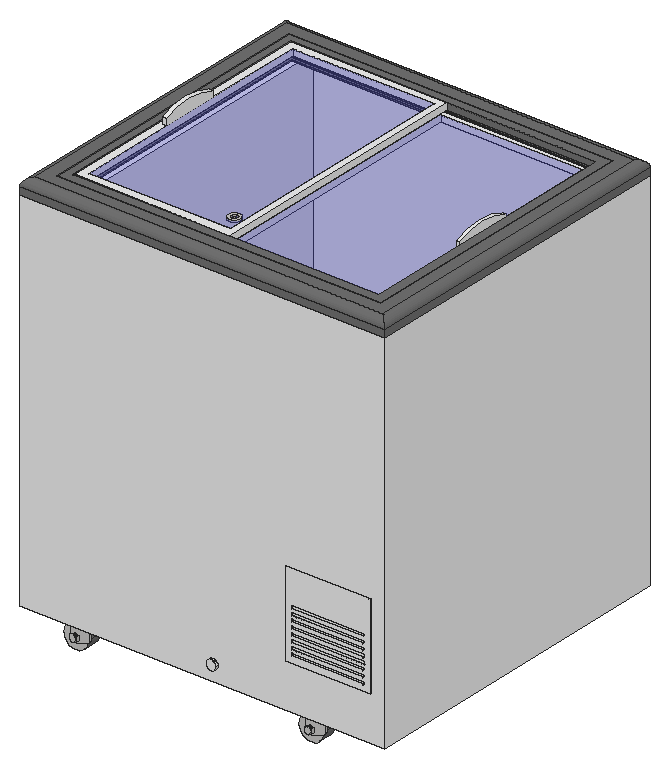
Revit family "Qf_Summit_NOVA22_7.2 Cu.Ft. Chest Freezer", category Specialty Equipment, Revit 2020
Family settings
  Round Connector Dimension = Use Diameter
  Part Type = Normal
  Work Plane-Based = No
  Always vertical = Yes
  Cut with Voids When Loaded = No
  Shared = No
  Room Calculation Point = No
Parameters
  Weight in Pounds = 110
  Watts = FL Amps * Volts  # 828 W
  Volts = 115 V
  URL Cutsheet = ""
  Specification by User = ""
  Specification by Manufacturer = ""
  Show Clearance [instance] = yes
  Serial Number = ""
  Seismic Rating = ""
  SMACNA No = ""
  Revision Code = ""
  Refrigerant Volume = 0.00 kip
  Refrigerant Type = "R290a"
  Phase = 1
  Number of Poles = 1
  NAFEM Spec ID Number = ""
  Model = "NOVA22"
  Min Ckt Ampacity = 0 A
  Max Overcurrent Protection = 0 A
  Masterspec = ""
  Manufacturer = "Summit"
  Length = 30"
  Item Number = ""
  Installed By = ""
  Identify Quantity as Lot = yes
  Height = 34 1/4"
  HP = ""
  Furnished By = ""
  Foodservice Equipment Identifier = yes
  FL Amps = 7.2 A
  Electrical Remarks = ""
  Electric Connection Type = ""
  Elec Conn RI Height = 0"
  Elec Conn Connection Height = 0"
  Description = "7.2 Cu.Ft. Chest Freezer"
  Depth = 27 1/4"
  Default Elevation = 0"
  Cycle = 60 Hz
  Conn Plug = ""
  Conn Conduit = yes
  CSI MasterFormat = ""
  Apparent Power = 828 VA
Reference planes (in)
  plane 1: z = 0
  plane 2 "LEFT": x = 0
  plane 3 "RIGHT": x = 30
  plane 4 "FRONT": y = -28
  plane 5 "TOP": z = 34.25
  plane 6 "Center Y": x = 15
  plane 7 "Center X": y = -14.375
  plane 8 "BACK": y = -0.75
  plane 9: z = 2.75
  plane 10: x = 0.75
  plane 11: x = 3.71343
  plane 12: x = 23.05641
  plane 13: x = 3.125
  plane 14: x = 26.875
  plane 15: x = 19
  plane 16: z = 5.875
Forms (in)
  Sweep 1, solid, material "QF_Plastic_Dark_Grey"
    path origin (0, 0, 0) x (1, 0, 0) y (0, 1, 0)
      loop
        line (0, -0.75) -> (0, -28) -> (30, -28) -> (30, -0.75) -> (0, -0.75)
    profile origin (0, -14.375, 0) x (1, 0, 0) y (0, 0, 1)
      loop
        line (0, 33) -> (1.7, 33) -> (1.7, 34.25) -> (0.75, 34.25) -> (0.67874, 34.25)
        arc (0.67874, 34.25) -> (0.1988, 34.0512) -> (0, 33.57126) r 0.67874
        line (0, 33.57126) -> (0, 33)
  Extrusion 2, solid, material "QF_Metallic_Paint_White_Smooth"
    sketch origin (0, 0, 0) x (1, 0, 0) y (0, 1, 0)
      loop
        line (3.125, -27) -> (26.875, -27) -> (26.875, -1.75) -> (3.125, -1.75) -> (3.125, -27)
      loop
        line (30, -0.75) -> (0, -0.75) -> (0, -28) -> (30, -28) -> (30, -0.75)
    from 2.75 to 33
  Extrusion 3, solid, material "QF_Metallic_Paint_White_Smooth"
    sketch origin (0, 0, 0) x (1, 0, 0) y (0, 1, 0)
      loop
        line (2.4, -3.15) -> (2.4, -25.45) -> (15.25, -25.45) -> (15.25, -3.15) -> (2.4, -3.15)
      loop
        line (3.075, -3.8) -> (3.075, -24.8) -> (14.75, -24.8) -> (14.75, -3.8) -> (3.075, -3.8)
    from 33.70906 to 34.25
  Extrusion 4, solid, material "Glass"
    sketch origin (0, 0, 0) x (1, 0, 0) y (0, 1, 0)
      loop
        line (3.075, -3.8) -> (3.075, -24.8) -> (14.75, -24.8) -> (14.75, -3.8) -> (3.075, -3.8)
    from 33.63932 to 34.25
  Extrusion 5, solid, material "QF_Metallic_Paint_White_Smooth"
    sketch origin (0, -0.75, 0) x (1, 0, 0) y (0, 0, 1)
      loop
        line (1, 5.875) -> (1, 2.75) -> (29, 2.75) -> (29, 15.38) -> (19, 15.38) -> (19, 5.875) -> (1, 5.875)
    from 1 to 26.25
  Sweep 6, solid, material "QF_Plastic_Dark_Grey"
    path origin (30, 0, 34.27864) x (-1, 0, 0) y (0, -1, 0)
      loop
        line (27.7, 3.05) -> (27.7, 25.7) -> (2.3, 25.7) -> (2.3, 3.05) -> (27.7, 3.05)
    profile origin (15, -3.05, 34.27864) x (0, 1, 0) y (0, 0, 1)
      loop
        line (-0.1, -0.02864) -> (-0.1, -0.56958) -> (-0.33757, -0.56958) -> (-0.33757, -0.63932) -> (-0.1, -0.63932) -> (-0.1, -1.18026) -> (-0.33757, -1.18026) -> (-0.33757, -1.27864) -> (0.6, -1.27864) -> (0.6, -0.02864) -> (-0.1, -0.02864)
  Extrusion 7, solid, material "QF_Metallic_Paint_White_Smooth"
    sketch origin (30, 0, -0.61068) x (-1, 0, 0) y (0, -1, 0)
      loop
        line (2.4, 3.15) -> (15.25, 3.15) -> (15.25, 25.6) -> (2.4, 25.6) -> (2.4, 3.15)
      loop
        line (3.075, 3.8) -> (14.75, 3.8) -> (14.75, 24.8) -> (3.075, 24.8) -> (3.075, 3.8)
    from 33.70906 to 34.25
  Extrusion 8, solid, material "Glass"
    sketch origin (30, 0, -0.61068) x (-1, 0, 0) y (0, -1, 0)
      loop
        line (3.075, 3.8) -> (14.75, 3.8) -> (14.75, 24.8) -> (3.075, 24.8) -> (3.075, 3.8)
    from 33.70906 to 34.25
  Extrusion 9, solid, material "QF_Metallic_Paint_White_Smooth"
    sketch origin (23.88, 0, 0) x (0, 1, 0) y (0, 0, 1)
      loop
        line (-16.73455, 34.25) -> (-12.01545, 34.25) -> (-12.01545, 34.75)
        arc (-12.01545, 34.75) -> (-14.375, 35.25) -> (-16.73455, 34.75) r 5.8175
        line (-16.73455, 34.75) -> (-16.73455, 34.25)
    from -21.14377 to -20.805
  Extrusion 10, solid, material "QF_Metallic_Paint_White_Smooth"
    sketch origin (6.12, 0, -0.61068) x (0, 1, 0) y (0, 0, -1)
      loop
        line (-16.73455, -34.25) -> (-16.73455, -34.75)
        arc (-16.73455, -34.75) -> (-14.375, -35.25) -> (-12.01545, -34.75) r 5.8175
        line (-12.01545, -34.75) -> (-12.01545, -34.25) -> (-16.73455, -34.25)
    from -21.08794 to -20.805
  Extrusion 11, solid, material "QF_Metallic_Paint_White_Smooth"
    sketch origin (0, -28, 0) x (1, 0, 0) y (0, 0, 1)
      loop
        line (21.875, 13.375) -> (21.875, 6.375) -> (28.875, 6.375) -> (28.875, 13.375) -> (21.875, 13.375)
      loop
        line (22.375, 10.625) -> (22.375, 10.375) -> (28.375, 10.375) -> (28.375, 10.625) -> (22.375, 10.625)
      loop
        line (28.375, 10.125) -> (22.375, 10.125) -> (22.375, 9.875) -> (28.375, 9.875) -> (28.375, 10.125)
      loop
        line (22.375, 9.625) -> (22.375, 9.375) -> (28.375, 9.375) -> (28.375, 9.625) -> (22.375, 9.625)
      loop
        line (28.375, 9.125) -> (22.375, 9.125) -> (22.375, 8.875) -> (28.375, 8.875) -> (28.375, 9.125)
      loop
        line (22.375, 8.625) -> (22.375, 8.375) -> (28.375, 8.375) -> (28.375, 8.625) -> (22.375, 8.625)
      loop
        line (28.375, 8.125) -> (22.375, 8.125) -> (22.375, 7.875) -> (28.375, 7.875) -> (28.375, 8.125)
      loop
        line (22.375, 7.625) -> (22.375, 7.375) -> (28.375, 7.375) -> (28.375, 7.625) -> (22.375, 7.625)
      loop
        line (28.375, 7.125) -> (22.375, 7.125) -> (22.375, 6.875) -> (28.375, 6.875) -> (28.375, 7.125)
    from 0 to 0.03125
  Extrusion 12, solid, material "QF_Metallic_Paint_White_Smooth"
    sketch origin (0, -0.75, 0) x (1, 0, 0) y (0, 0, 1)
      loop
        circle (27, 5.375) r 0.25
    from 0 to -0.23344
  Extrusion 13, solid, material "QF_Metallic_Paint_White_Smooth"
    sketch origin (0, -28, 0) x (1, 0, 0) y (0, 0, 1)
      loop
        circle (15.875, 4) r 0.40028
    from 0 to 0.15886
  Extrusion 14, solid, material "QF_Metal - Stainless - Polished"
    sketch origin (0.07561, 0.09001, 34.25) x (1, 0, 0) y (0, 1, 0)
      loop
        circle (13.92439, -23.52751) r 0.5
      loop
        circle (13.92439, -23.52751) r 0.25
      loop
        arc (13.95564, -23.57767) -> (13.92439, -23.46841) -> (13.89314, -23.57767) r 0.0591
        line (13.89314, -23.57767) -> (13.89314, -23.72445)
        arc (13.89314, -23.72445) -> (13.92439, -23.7557) -> (13.95564, -23.72445) r 0.03125
        line (13.95564, -23.72445) -> (13.95564, -23.57767)
    from 0.04239 to -0.05358
Cuts and joins
  joined: Extrusion 2, Extrusion 5, Extrusion 11, Extrusion 12
  joined: Extrusion 3, Extrusion 9
  joined: Extrusion 7, Extrusion 10
Lines and regions (in)
  Split face 1
    outline origin (21.875, -28.03125, 13.375) x (-1, 0, 0) y (0, 0, -1)
      loop
        arc (-2, 1.7125) -> (-2.02929, 1.78321) -> (-2.1, 1.8125) r 0.1
        line (-2.1, 1.8125) -> (-4.9, 1.8125)
        arc (-4.9, 1.8125) -> (-4.97071, 1.78321) -> (-5, 1.7125) r 0.1
        line (-5, 1.7125) -> (-5, 0.6)
        arc (-5, 0.6) -> (-4.97071, 0.52929) -> (-4.9, 0.5) r 0.1
        line (-4.9, 0.5) -> (-2.1, 0.5)
        arc (-2.1, 0.5) -> (-2.02929, 0.52929) -> (-2, 0.6) r 0.1
        line (-2, 0.6) -> (-2, 1.7125)
  Split face 2
    outline origin (21.875, -28.03125, 13.375) x (-1, 0, 0) y (0, 0, -1)
      loop
        line (-2.625, 0.6875) -> (-2.625, 1.375) -> (-4.374, 1.375) -> (-4.374, 0.6875) -> (-2.625, 0.6875)
  Split face 3
    outline origin (21.875, -28.03125, 13.375) x (-1, 0, 0) y (0, 0, -1)
      loop
        arc (-2.4061, 0.67406) -> (-2.3125, 0.54855) -> (-2.2189, 0.67406) r 0.09766
        arc (-2.2189, 0.67406) -> (-2.24545, 0.75668) -> (-2.26367, 0.84152) r 0.87424
        line (-2.26367, 0.84152) -> (-2.26974, 0.93917) -> (-2.35526, 0.93917) -> (-2.36133, 0.84152)
        arc (-2.36133, 0.84152) -> (-2.37955, 0.75668) -> (-2.4061, 0.67406) r 0.87424
  Split face 4
    outline origin (21.875, -28.03125, 13.375) x (-1, 0, 0) y (0, 0, -1)
      loop
        line (-4.59026, 0.82885) -> (-4.6875, 0.81322) -> (-4.78474, 0.82885) -> (-4.6875, 0.66041) -> (-4.59026, 0.82885)
  Split face 5
    outline origin (21.875, -28.03125, 13.375) x (-1, 0, 0) y (0, 0, -1)
      loop
        line (-4.6875, 1.09273) -> (-4.59026, 1.07711) -> (-4.6875, 1.24554) -> (-4.78474, 1.07711) -> (-4.6875, 1.09273)
  Split face 6
    outline origin (21.875, -28.03125, 13.375) x (-1, 0, 0) y (0, 0, -1)
      loop
        arc (-4.67187, 1.54954) -> (-4.6875, 1.73573) -> (-4.70312, 1.54954) r 0.09375
        line (-4.70312, 1.54954) -> (-4.70312, 1.48913) -> (-4.67187, 1.48913) -> (-4.67187, 1.54954)
  symbolic lines
    curve 1: line (0, -0.75, 0) -> (30, -0.75, 0)
    curve 2: line (0, -28, 0) -> (0, -0.75, 0)
    curve 3: line (30, -28, 0) -> (0, -28, 0)
    curve 4: line (30, -0.75, 0) -> (30, -28, 0)
    curve 5: line (28.3, -27, 0) -> (28.3, -2.45, 0)
    curve 6: line (1.7, -26.3, 0) -> (28.3, -26.3, 0)
    curve 7: line (1.7, -2.45, 0) -> (1.7, -26.3, 0)
    curve 8: line (28.3, -2.45, 0) -> (1.7, -2.45, 0)
    curve 9: line (28.3, -26.3, 0) -> (28.3, -2.45, 0)
    curve 10: line (26.925, -3.8, 0) -> (3.075, -3.8, 0)
    curve 11: line (3.075, -3.8, 0) -> (3.075, -24.8, 0)
    curve 12: line (3.075, -24.8, 0) -> (26.925, -24.8, 0)
    curve 13: line (26.925, -24.8, 0) -> (26.925, -3.8, 0)
    curve 14: line (15.25, -26.875, 0) -> (15.25, -3.8, 0)
    curve 15: line (14.75, -26.875, 0) -> (14.75, -3.15, 0)
    curve 16: line (2.4, -3.15, 0) -> (2.4, -25.6, 0)
    curve 17: line (2.4, -25.6, 0) -> (27.6, -25.6, 0)
    curve 18: line (27.6, -25.6, 0) -> (27.6, -3.15, 0)
    curve 19: line (27.6, -3.15, 0) -> (2.4, -3.15, 0)
    curve 20: line (1, -27, 0) -> (1, -1.75, 0)
    curve 21: line (1, -1.75, 0) -> (29, -1.75, 0)
    curve 22: line (29, -1.75, 0) -> (29, -27, 0)
    curve 23: line (29, -27, 0) -> (1, -27, 0)
    curve 24: line (19, -3.8, 0) -> (19, -24.8, 0)
    curve 25: arc (14.5, -23.4375, 0) -> (14, -22.9375, 0) -> (13.5, -23.4375, 0) r 0.5
    curve 26: arc (13.5, -23.4375, 0) -> (14, -23.9375, 0) -> (14.5, -23.4375, 0) r 0.5
    curve 27: arc (13.75, -23.4375, 0) -> (14, -23.1875, 0) -> (14.25, -23.4375, 0) r 0.25
    curve 28: arc (14.25, -23.4375, 0) -> (14, -23.6875, 0) -> (13.75, -23.4375, 0) r 0.25
    curve 29: line (13.96875, -23.48766, 0) -> (13.96875, -23.63444, 0)
    curve 30: arc (13.96875, -23.63444, 0) -> (14, -23.66569, 0) -> (14.03125, -23.63444, 0) r 0.03125
    curve 31: line (14.03125, -23.63444, 0) -> (14.03125, -23.48766, 0)
    curve 32: arc (14.03125, -23.48766, 0) -> (14, -23.3784, 0) -> (13.96875, -23.48766, 0) r 0.0591
    curve 33: line (27.20794, -16.73455, 0) -> (27.20794, -12.01545, 0)
    curve 34: line (27.20794, -12.01545, 0) -> (26.925, -12.01545, 0)
    curve 35: line (26.925, -12.01545, 0) -> (26.925, -16.73455, 0)
    curve 36: line (26.925, -16.73455, 0) -> (27.20794, -16.73455, 0)
    curve 37: line (2.73623, -12.01545, 0) -> (2.73623, -16.73455, 0)
    curve 38: line (2.73623, -16.73455, 0) -> (3.075, -16.73455, 0)
    curve 39: line (3.075, -16.73455, 0) -> (3.075, -12.01545, 0)
    curve 40: line (3.075, -12.01545, 0) -> (2.73623, -12.01545, 0)
Dimensions and locks (in)
  equal spacing: plane 2 "LEFT", plane 6 "Center Y", plane 3 "RIGHT"
  "Length": plane 2 "LEFT" to plane 3 "RIGHT"
  equal spacing: plane 4 "FRONT", plane 7 "Center X", plane 8 "BACK"
  "Height": plane 5 "TOP" to level
  plane 3 "RIGHT" to plane 2 "LEFT" = 30"
  plane 5 "TOP" to level = 34 1/4"  (x2)
  "Depth": plane 4 "FRONT" to plane 8 "BACK"
  plane 9 to level = 2 3/4"  (x2)
  locked: plane 11 to plane 2 "LEFT" at 3.71343
  locked: plane 3 "RIGHT" to plane 12 at 6.94359
  curve 10 to curve 12 = 21"
  plane 14 to plane 15 = 7 7/8"
  cut or joined group of Extrusion 2, Extrusion 5, Extrusion 11, Extrusion 12 to cut or joined group of Extrusion 2, Extrusion 5, Extrusion 11, Extrusion 12 = 9.505"
  plane 5 "TOP" to plane 9 = 31 1/2"
  plane 16 to level = 5 7/8"
  plane 13 to plane 14 = 23 3/4"
  aligned and locked: level to plane 1
  aligned and locked: nested 1 to plane 11
  aligned and locked: nested 2 to plane 11
  aligned and locked: nested 3 to plane 12
  aligned and locked: nested 4 to plane 12
  aligned and locked: Extrusion 5 to Extrusion 2  (x2)
  aligned and locked: Extrusion 3 to Extrusion 4  (x3)
  aligned and locked: Extrusion 8 to Extrusion 7  (x3)
Automatic sketch dimensions
  Extrusion 9 sketch curve to plane 5 "TOP" = 0"
  Extrusion 9 sketch curve to plane 7 "Center X" = 0"
  Extrusion 9 sketch curve to plane 7 "Center X" = 2.35955"
  plane 5 "TOP" to Extrusion 9 sketch curve = 1/2"
  plane 7 "Center X" to Extrusion 9 sketch curve = 2.35955"
  Extrusion 9 sketch curve to plane 5 "TOP" = 4.8175"
  Extrusion 10 sketch curve to plane 5 "TOP" = 0.61068"
  Extrusion 10 sketch curve to plane 7 "Center X" = 0"
  Extrusion 10 sketch curve to plane 7 "Center X" = 2.35955"
  Extrusion 10 sketch curve to plane 5 "TOP" = 0.11068"
  plane 7 "Center X" to Extrusion 10 sketch curve = 2.35955"
  Extrusion 10 sketch curve to plane 5 "TOP" = 5.42818"
  Sweep 1 sketch curve to plane 2 "LEFT" = 0"
  Sweep 1 sketch curve to plane 3 "RIGHT" = 0"
  Sweep 1 sketch curve to plane 4 "FRONT" = 0"
  Sweep 1 sketch curve to plane 8 "BACK" = 0"
  profile plane to Sweep 1 sketch curve = 0"
  plane 10 to Sweep 1 sketch curve = 0"
  Sweep 1 sketch curve to Sweep 1 sketch curve = 0.07126"
  Sweep 1 sketch curve to plane 10 = 0.95"
  level to Sweep 1 sketch curve = 33"
  Sweep 1 sketch curve to Sweep 1 sketch curve = 0.57126"
  Extrusion 2 sketch curve to plane 2 "LEFT" = 0"
  Extrusion 2 sketch curve to plane 3 "RIGHT" = 0"
  plane 4 "FRONT" to Extrusion 2 sketch curve = 0"
  plane 8 "BACK" to Extrusion 2 sketch curve = 0"
  Extrusion 2 sketch curve to plane 4 "FRONT" = 1"
  plane 8 "BACK" to Extrusion 2 sketch curve = 1"
  Extrusion 3 sketch curve to plane 11 = 0.63843"
  Extrusion 3 sketch curve to plane 6 "Center Y" = 1/4"
  plane 6 "Center Y" to Extrusion 3 sketch curve = 1/4"
  Extrusion 3 sketch curve to plane 4 "FRONT" = 2.55"
  Extrusion 3 sketch curve to Extrusion 3 sketch curve = 0.65"  (x2)
  plane 8 "BACK" to Extrusion 3 sketch curve = 3.05"
  Extrusion 4 sketch curve to plane 11 = 0.63843"
  Extrusion 4 sketch curve to plane 6 "Center Y" = 1/4"
  Extrusion 4 sketch curve to plane 4 "FRONT" = 3.2"
  plane 8 "BACK" to Extrusion 4 sketch curve = 3.05"
  Extrusion 5 sketch curve to plane 9 = 0"
  Extrusion 5 sketch curve to plane 12 = 4.05641"
  Extrusion 5 sketch curve to plane 9 = 3 1/8"
  Extrusion 5 sketch curve to Extrusion 5 sketch curve = 9.505"
  plane 8 "BACK" to Sweep 6 sketch curve = 2.3"
  Sweep 6 sketch curve to plane 4 "FRONT" = 2.3"
  profile plane to Sweep 6 sketch curve = 0.33757"  (x2)
  profile plane to Sweep 6 sketch curve = 0.1"
  Sweep 6 sketch curve to Sweep 6 sketch curve = 0"
  Sweep 6 sketch curve to profile plane = 0.02864"
  Sweep 6 sketch curve to profile plane = 0.6"
  Sweep 6 sketch curve to profile plane = 0.56958"
  Sweep 6 sketch curve to Sweep 6 sketch curve = 0.06974"
  Sweep 6 sketch curve to Sweep 6 sketch curve = 0.54094"
  Sweep 6 sketch curve to Sweep 6 sketch curve = 0.09838"
  Extrusion 8 sketch curve to plane 6 "Center Y" = 1/4"
  plane 4 "FRONT" to Extrusion 8 sketch curve = 3.2"
  Extrusion 8 sketch curve to plane 8 "BACK" = 3.05"
  Extrusion 2 to Extrusion 11 sketch curve = 3 5/8"
  Extrusion 11 sketch curve to Extrusion 2 = 8 1/8"
  Extrusion 11 sketch curve to Extrusion 11 sketch curve = 1/2"  (x4)
  Extrusion 11 sketch curve to Extrusion 11 sketch curve = 0"  (x13)
  Extrusion 11 sketch curve to Extrusion 2 = 1 5/8"
  Extrusion 11 sketch curve to Extrusion 11 sketch curve = 1/4"  (x15)
  Extrusion 11 sketch curve to Extrusion 11 sketch curve = 2 3/4"
  cut or joined group of Extrusion 2, Extrusion 5, Extrusion 11, Extrusion 12 to Split face 1 sketch curve = 1 1/2"
  Split face 1 sketch curve to Split face 1 sketch curve = 0.1"  (x3)
  Split face 1 sketch curve to cut or joined group of Extrusion 2, Extrusion 5, Extrusion 11, Extrusion 12 = 0.6"
  cut or joined group of Extrusion 2, Extrusion 5, Extrusion 11, Extrusion 12 to Split face 1 sketch curve = 1.6"
  Split face 1 sketch curve to Split face 1 sketch curve = 0"
  Split face 1 sketch curve to cut or joined group of Extrusion 2, Extrusion 5, Extrusion 11, Extrusion 12 = 1.0375"
  Split face 2 sketch curve to cut or joined group of Extrusion 2, Extrusion 5, Extrusion 11, Extrusion 12 = 11/16"
  cut or joined group of Extrusion 2, Extrusion 5, Extrusion 11, Extrusion 12 to Split face 2 sketch curve = 2.126"
  Split face 2 sketch curve to Split face 2 sketch curve = 1.749"
  Split face 2 sketch curve to Split face 2 sketch curve = 11/16"
  Split face 3 sketch curve to cut or joined group of Extrusion 2, Extrusion 5, Extrusion 11, Extrusion 12 = 0.98248"
  cut or joined group of Extrusion 2, Extrusion 5, Extrusion 11, Extrusion 12 to Split face 3 sketch curve = 2.72413"
  Split face 3 sketch curve to cut or joined group of Extrusion 2, Extrusion 5, Extrusion 11, Extrusion 12 = 0.84152"  (x2)
  Split face 3 sketch curve to Split face 3 sketch curve = 0.8628"
  Split face 3 sketch curve to Split face 3 sketch curve = 0.00606"
  Split face 3 sketch curve to Split face 3 sketch curve = 0.04883"
  Split face 3 sketch curve to Split face 3 sketch curve = 0.08553"
  Split face 3 sketch curve to Split face 3 sketch curve = 25/256"  (x2)
  Split face 3 sketch curve to Split face 3 sketch curve = 0.86886"
  Split face 3 sketch curve to Split face 3 sketch curve = 25/128"
  Split face 3 sketch curve to Split face 3 sketch curve = 0.04331"
  Split face 3 sketch curve to Split face 3 sketch curve = 0.0936"
  Split face 4 sketch curve to cut or joined group of Extrusion 2, Extrusion 5, Extrusion 11, Extrusion 12 = 0.82885"  (x2)
  cut or joined group of Extrusion 2, Extrusion 5, Extrusion 11, Extrusion 12 to Split face 4 sketch curve = 1.71526"
  Split face 4 sketch curve to cut or joined group of Extrusion 2, Extrusion 5, Extrusion 11, Extrusion 12 = 0.66041"
  Split face 4 sketch curve to Split face 4 sketch curve = 0.09724"  (x3)
  Split face 4 sketch curve to cut or joined group of Extrusion 2, Extrusion 5, Extrusion 11, Extrusion 12 = 0.81322"
  cut or joined group of Extrusion 2, Extrusion 5, Extrusion 11, Extrusion 12 to Split face 5 sketch curve = 1.71526"
  Split face 5 sketch curve to Split face 5 sketch curve = 0.09724"  (x2)
  Split face 5 sketch curve to Split face 5 sketch curve = 0"  (x2)
  Split face 5 sketch curve to cut or joined group of Extrusion 2, Extrusion 5, Extrusion 11, Extrusion 12 = 1.07711"
  Split face 5 sketch curve to Split face 5 sketch curve = 1/64"
  Split face 5 sketch curve to Split face 5 sketch curve = 0.15281"
  cut or joined group of Extrusion 2, Extrusion 5, Extrusion 11, Extrusion 12 to Split face 6 sketch curve = 1 51/64"
  Split face 6 sketch curve to Split face 6 sketch curve = 1/64"
  Split face 6 sketch curve to Split face 6 sketch curve = 1/32"
  Split face 6 sketch curve to cut or joined group of Extrusion 2, Extrusion 5, Extrusion 11, Extrusion 12 = 1.26087"
  Split face 6 sketch curve to Split face 6 sketch curve = 0.06041"
  Split face 6 sketch curve to Split face 6 sketch curve = 0.09244"
  plane 6 "Center Y" to Extrusion 13 sketch curve = 7/8"
  Extrusion 13 sketch curve to plane 9 = 1 1/4"
  Extrusion 12 sketch curve to plane 9 = 2 5/8"
  Extrusion 14 sketch curve to Extrusion 14 sketch curve = 0"  (x6)
  Extrusion 14 sketch curve to Extrusion 4 = 25/32"
  Extrusion 14 sketch curve to Extrusion 14 sketch curve = 1/32"  (x2)
  Extrusion 14 sketch curve to Extrusion 4 = 1.16556"
  Extrusion 14 sketch curve to Extrusion 14 sketch curve = 0.14678"
  Extrusion 14 sketch curve to Extrusion 14 sketch curve = 0.05016"
  Extrusion 7 sketch curve to Extrusion 7 sketch curve = 0.675"
  Extrusion 7 sketch curve to plane 6 "Center Y" = 1/4"
  plane 6 "Center Y" to Extrusion 7 sketch curve = 1/4"
  Extrusion 7 sketch curve to Extrusion 7 sketch curve = 0.8"
  Extrusion 7 sketch curve to plane 8 "BACK" = 3.05"
  Extrusion 7 sketch curve to Extrusion 7 sketch curve = 0.65"
  plane 4 "FRONT" to Extrusion 7 sketch curve = 3.2"
  plane 3 "RIGHT" to Extrusion 2 sketch curve = 3 1/8"
  plane 3 "RIGHT" to Extrusion 5 sketch curve = 1"
  plane 14 to Sweep 6 sketch curve = 0.825"
  Extrusion 7 sketch curve to plane 14 = 0.05"
  Extrusion 8 sketch curve to plane 14 = 0.05"
  plane 14 to Extrusion 12 sketch curve = 1/8"
  plane 13 to Extrusion 3 sketch curve = 0.725"
  plane 13 to Sweep 6 sketch curve = 0.825"
  plane 2 "LEFT" to Extrusion 2 sketch curve = 3 1/8"
  plane 2 "LEFT" to Extrusion 5 sketch curve = 1"
  curve 3 to plane 2 "LEFT" = 0"
  curve 24 to plane 15 = 0"
  curve 3 to plane 3 "RIGHT" = 0"
  plane 4 "FRONT" to curve 4 = 0"
  plane 8 "BACK" to curve 1 = 0"
  plane 2 "LEFT" to curve 23 = 1"
  curve 20 to curve 8 = 0.7"
  plane 13 to curve 19 = 0.725"
  plane 13 to curve 12 = 0.05"
  plane 14 to curve 13 = 0.05"
  plane 14 to curve 18 = 0.725"
  curve 17 to curve 6 = 0.7"
  curve 5 to curve 21 = 0.7"  (x2)
  curve 22 to plane 4 "FRONT" = 1"
  curve 5 to curve 6 = 0.7"
  curve 6 to curve 17 = 0.7"
  curve 17 to curve 13 = 0.8"
  curve 10 to curve 16 = 0.65"
  curve 16 to curve 7 = 0.7"
  curve 15 to plane 6 "Center Y" = 1/4"
  plane 6 "Center Y" to curve 14 = 1/4"
  curve 14 to plane 4 "FRONT" = 1 1/8"
  curve 15 to curve 14 = 0"
  curve 25 to plane 6 "Center Y" = 1"
  curve 15 to curve 26 = 3 7/16"
  curve 26 to curve 25 = 1/2"
  curve 25 to curve 27 = 0"  (x2)
  curve 28 to curve 25 = 1/4"
  curve 25 to curve 32 = 0"  (x2)
  curve 29 to curve 25 = 1/32"
  curve 30 to curve 30 = 1/32"
  curve 31 to curve 25 = 0.19694"
  curve 29 to curve 25 = 0.05016"
  plane 14 to curve 36 = 0.05"
  curve 35 to curve 33 = 0.28294"
  curve 33 to plane 7 "Center X" = 2.35955"
  plane 7 "Center X" to curve 35 = 2.35955"
  plane 13 to curve 38 = 0.38877"
  plane 13 to curve 40 = 0.05"
  curve 39 to plane 7 "Center X" = 2.35955"
  plane 7 "Center X" to curve 39 = 2.35955"
  radius of Extrusion 13 sketch curve = 0.40028"
  radius of Extrusion 12 sketch curve = 1/4"
  radius of Extrusion 14 sketch curve = 1/2"
  radius of Extrusion 14 sketch curve = 1/4"
Nested families (in)
  nested 1: "2-34 INCHES_CASTER" at (3.71343, -25.875, 0) x (0, -1, 0) z (0, 0, 1), type "2-34 INCHES_CASTER"
    with Type Mark "", Specification by User "", Show 4.25" Casters yes, Right Lock yes, Revision Code "", Left Lock yes, Item Number "", Installed By "", Identify Quantity as Lot yes, Furnished By "", Foodservice Equipment Identifier yes
  nested 2: "2-34 INCHES_CASTER" at (3.71343, -2.875, 0) x (0, -1, 0) z (0, 0, 1), type "2-34 INCHES_CASTER"
    with Type Mark "", Specification by User "", Show 4.25" Casters yes, Right Lock yes, Revision Code "", Left Lock yes, Item Number "", Installed By "", Identify Quantity as Lot yes, Furnished By "", Foodservice Equipment Identifier yes
  nested 3: "2-34 INCHES_CASTER" at (23.05641, -25.875, 0) x (0, -1, 0) z (0, 0, 1), type "2-34 INCHES_CASTER"
    with Type Mark "", Specification by User "", Show 4.25" Casters yes, Right Lock yes, Revision Code "", Left Lock yes, Item Number "", Installed By "", Identify Quantity as Lot yes, Furnished By "", Foodservice Equipment Identifier yes
  nested 4: "2-34 INCHES_CASTER" at (23.05641, -2.875, 0) x (0, -1, 0) z (0, 0, 1), type "2-34 INCHES_CASTER"
    with Type Mark "", Specification by User "", Show 4.25" Casters yes, Right Lock yes, Revision Code "", Left Lock yes, Item Number "", Installed By "", Identify Quantity as Lot yes, Furnished By "", Foodservice Equipment Identifier yes
Connectors (in)
  electrical at (27, -0.51656, 5.375)
    settings: on cut or joined group of Extrusion 2, Extrusion 5, Extrusion 11, Extrusion 12, index 1, voltage 0 V, apparent load 0 VA, apparent load phase1 0 VA, apparent load phase2 0 VA, apparent load phase3 0 VA, power factor 1, load classification "Other", number of poles 1, system type 31, power factor state 1, is connector primary yes, connector utility no, sub classification motor no, connector description ""
  piping at (15.875, -28.15886, 4), diameter 0.75
    settings: on Extrusion 13, index 2, connector inside diameter 24", connector length 0", flow factor 0, pipe flow 0 GPM, pressure drop 0.00 psi, fitting loss kfactor 0, connector angle 0.00°, fixture units 0, engagement length 0", angle of deflection 0.00°, flow configuration 1, flow direction 2, fitting loss method 0, system type 16, joint type 0, gender type 0, connector reference index -1, connector utility 0, adjustable connector no, is connector primary yes, connector description "Drain"
Definition of nested family "2-34 INCHES_CASTER"
  Parameters (values of type "2-34 INCHES_CASTER")
    Weight = ""
    URL Manufacturer = ""
    URL Cutsheet = ""
    URL = ""
    Type Mark [instance] = ""
    Specification by User [instance] = ""
    Specification by Manufacturer = ""
    Show 4.25" Casters [instance] = yes
    Serial Number = ""
    Seismic Rating = ""
    SMACNA No = ""
    Right Lock [instance] = yes
    Revision Code [instance] = ""
    Omniclass Number and Title = ""
    NAFEM Spec ID Number = ""
    Model = ""
    MasterSpec. = ""
    Manufacturer = ""
    Left Lock [instance] = yes
    Item Number [instance] = ""
    Installed By [instance] = ""
    Identify Quantity as Lot [instance] = yes
    Furnished By [instance] = ""
    Foodservice Equipment Identifier [instance] = yes
    Description = ""
    Default Elevation = 0"
    CSI MasterFormat = ""
    CSI Master Format = ""
    Assembly Code = ""
  Reference planes (in)
    plane 1: z = 0
    plane 2 "RIGHT": x = 0
    plane 3 "FRONT": y = 0
    plane 4 "TOP": z = 2.74
    plane 5: z = 2.74
  Forms (in)
    Extrusion 1, solid, visible <- "Show 4.25" Casters"
      sketch origin (-0.60795, -3.50665, 0) x (0, 1, 0) y (0, 0, 1)
        loop
          arc (4.4375, 2.09375) -> (4.42835, 2.11585) -> (4.40625, 2.125) r 0.03125
          line (4.40625, 2.125) -> (4.34375, 2.125)
          arc (4.34375, 2.125) -> (4.32165, 2.13415) -> (4.3125, 2.15625) r 0.03125
          line (4.3125, 2.15625) -> (4.3125, 2.59375)
          arc (4.3125, 2.59375) -> (4.32165, 2.61585) -> (4.34375, 2.625) r 0.03125
          line (4.34375, 2.625) -> (4.625, 2.625) -> (4.625, 2.75) -> (2.625, 2.75) -> (2.625, 2.625) -> (2.90625, 2.625)
          arc (2.90625, 2.625) -> (2.92835, 2.61585) -> (2.9375, 2.59375) r 0.03125
          line (2.9375, 2.59375) -> (2.9375, 2.15625)
          arc (2.9375, 2.15625) -> (2.92835, 2.13415) -> (2.90625, 2.125) r 0.03125
          line (2.90625, 2.125) -> (2.84375, 2.125)
          arc (2.84375, 2.125) -> (2.82165, 2.11585) -> (2.8125, 2.09375) r 0.03125
          line (2.8125, 2.09375) -> (2.8125, 0.75)
          arc (2.8125, 0.75) -> (2.84911, 0.66161) -> (2.9375, 0.625) r 0.125
          line (2.9375, 0.625) -> (3.3125, 0.625) -> (4.35203, 0.97151)
          arc (4.35203, 0.97151) -> (4.41391, 1.01701) -> (4.4375, 1.09009) r 0.125
          line (4.4375, 1.09009) -> (4.4375, 2.09375)
      from 0 to -0.09291
    Extrusion 2, solid, visible <- "Show 4.25" Casters"
      sketch origin (-0.60795, -3.50665, 0) x (0, 1, 0) y (0, 0, 1)
        loop
          line (4.625, 2.75) -> (2.625, 2.75) -> (2.625, 2.625) -> (4.625, 2.625) -> (4.625, 2.75)
      from 0 to 1.2159
    Extrusion 3, solid, visible <- "Show 4.25" Casters"
      sketch origin (-0.60795, -3.50665, 0) x (0, 1, 0) y (0, 0, 1)
        loop
          line (3.46896, 1.1625) -> (3.1875, 1.325) -> (2.90604, 1.1625) -> (2.90604, 0.8375) -> (3.1875, 0.675) -> (3.46896, 0.8375) -> (3.46896, 1.1625)
      from -0.27106 to -0.09291
    Extrusion 4, solid, visible <- "Show 4.25" Casters"
      sketch origin (-0.60795, -3.50665, 0) x (0, 1, 0) y (0, 0, 1)
        loop
          circle (3.1875, 1) r 0.28146
      from -0.31535 to 1.53554
    Extrusion 5, solid, visible <- "Show 4.25" Casters"
      sketch origin (-0.60795, -3.50665, 0) x (0, 1, 0) y (0, 0, 1)
        loop
          circle (3.1875, 1) r 1
      from 0.03554 to 1.18465
    Extrusion 6, solid, visible <- "Show 4.25" Casters"
      sketch origin (-0.60795, -3.50665, 0) x (0, 1, 0) y (0, 0, 1)
        loop
          line (2.90625, 2.125) -> (2.84375, 2.125)
          arc (2.84375, 2.125) -> (2.82165, 2.11585) -> (2.8125, 2.09375) r 0.03125
          line (2.8125, 2.09375) -> (4.4375, 2.09375)
          arc (4.4375, 2.09375) -> (4.42835, 2.11585) -> (4.40625, 2.125) r 0.03125
          line (4.40625, 2.125) -> (4.34375, 2.125)
          arc (4.34375, 2.125) -> (4.32165, 2.13415) -> (4.3125, 2.15625) r 0.03125
          line (4.3125, 2.15625) -> (4.3125, 2.59375)
          arc (4.3125, 2.59375) -> (4.32165, 2.61585) -> (4.34375, 2.625) r 0.03125
          line (4.34375, 2.625) -> (2.90625, 2.625)
          arc (2.90625, 2.625) -> (2.92835, 2.61585) -> (2.9375, 2.59375) r 0.03125
          line (2.9375, 2.59375) -> (2.9375, 2.15625)
          arc (2.9375, 2.15625) -> (2.92835, 2.13415) -> (2.90625, 2.125) r 0.03125
      from 0 to 1.2159
    Extrusion 7, solid, visible <- "Show 4.25" Casters"
      sketch origin (0.60795, -3.50665, 0) x (0, 1, 0) y (0, 0, -1)
        loop
          line (4.4375, -2.09375) -> (4.4375, -1.09009)
          arc (4.4375, -1.09009) -> (4.41391, -1.01701) -> (4.35203, -0.97151) r 0.125
          line (4.35203, -0.97151) -> (3.3125, -0.625) -> (2.9375, -0.625)
          arc (2.9375, -0.625) -> (2.84911, -0.66161) -> (2.8125, -0.75) r 0.125
          line (2.8125, -0.75) -> (2.8125, -2.09375)
          arc (2.8125, -2.09375) -> (2.82165, -2.11585) -> (2.84375, -2.125) r 0.03125
          line (2.84375, -2.125) -> (2.90625, -2.125)
          arc (2.90625, -2.125) -> (2.92835, -2.13415) -> (2.9375, -2.15625) r 0.03125
          line (2.9375, -2.15625) -> (2.9375, -2.59375)
          arc (2.9375, -2.59375) -> (2.92835, -2.61585) -> (2.90625, -2.625) r 0.03125
          line (2.90625, -2.625) -> (2.625, -2.625) -> (2.625, -2.75) -> (4.625, -2.75) -> (4.625, -2.625) -> (4.34375, -2.625)
          arc (4.34375, -2.625) -> (4.32165, -2.61585) -> (4.3125, -2.59375) r 0.03125
          line (4.3125, -2.59375) -> (4.3125, -2.15625)
          arc (4.3125, -2.15625) -> (4.32165, -2.13415) -> (4.34375, -2.125) r 0.03125
          line (4.34375, -2.125) -> (4.40625, -2.125)
          arc (4.40625, -2.125) -> (4.42835, -2.11585) -> (4.4375, -2.09375) r 0.03125
      from 0 to -0.09291
    Extrusion 8, solid, visible <- "Show 4.25" Casters"
      sketch origin (0.60795, -3.50665, 0) x (0, 1, 0) y (0, 0, -1)
        loop
          line (3.46896, -1.1625) -> (3.46896, -0.8375) -> (3.1875, -0.675) -> (2.90604, -0.8375) -> (2.90604, -1.1625) -> (3.1875, -1.325) -> (3.46896, -1.1625)
      from -0.27106 to -0.09291
  Cuts and joins
    joined: Extrusion 1, Extrusion 2, Extrusion 3, Extrusion 4, Extrusion 5, Extrusion 6, Extrusion 7, Extrusion 8
  Lines and regions (in)
    symbolic lines, visible <- "Show 4.25" Casters"
      curve 1: line (0.28481, 1.83041, 0) -> (1.24556, 1.27572, 0)
      curve 2: line (-1.26206, -0.84886, 0) -> (0.28481, 1.83041, 0)
      curve 3: line (-0.30132, -1.40355, 0) -> (-1.26206, -0.84886, 0)
      curve 4: line (1.24556, 1.27572, 0) -> (-0.30132, -1.40355, 0)
  Dimensions and locks (in)
    plane 4 "TOP" to level = 2.74"  (x2)
    aligned and locked: level to plane 1
    aligned and locked: Extrusion 6 to Extrusion 7
    aligned and locked: Extrusion 2 to Extrusion 7
